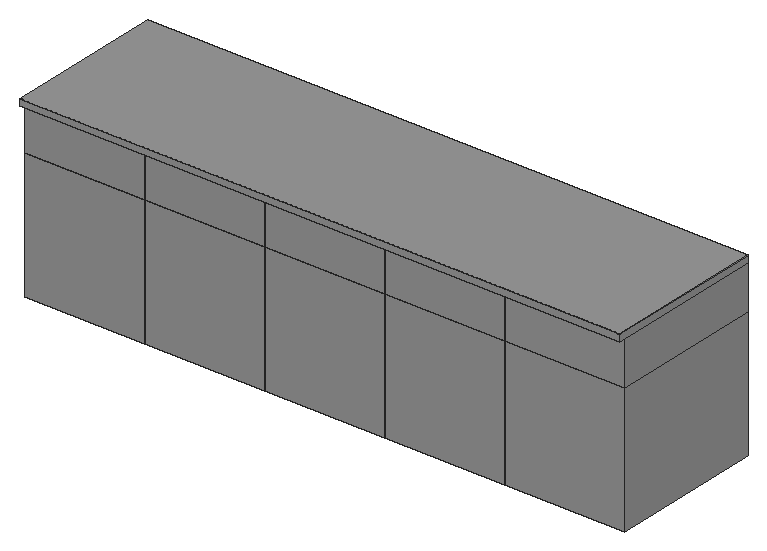
Revit family "DoorBench", category Furniture, Revit 2025
Family settings
  OmniClass Number = 23.40.20.00
  OmniClass Title = General Furniture and Specialties
  Work Plane-Based = No
  Enable Cutting in Views = No
  Always vertical = Yes
  Cut with Voids When Loaded = No
  Render Appearance Source = Family Geometry
  Shared = No
  Room Calculation Point = No
Parameters
  Default Elevation = 0 mm
Reference planes
  plane 1 "CentreLong": y = 0
  plane 2: z = 0
  plane 3 "LeftEdge": x = -1320
  plane 4 "FrontEdge": y = -800
  plane 5 "BenchTop": z = 900
  plane 6 "BenchBottom": z = 865
  plane 7 "DrawerInner": x = 180
  plane 8 "RightEdge": x = 1680
  plane 9 "CupboardFront": y = -770
  plane 10: x = 1080
  plane 11: x = 480
  plane 12: x = -120
  plane 13: x = -720
  plane 14 "DrawerBottom": z = 645
Forms (mm)
  Extrusion 1, solid, material "Birch - Glossy"
    sketch origin (0, 25, 0) x (1, 0, 0) y (0, 1, 0)
      loop
        line (-1320, -25) -> (-1320, -825) -> (1680, -825) -> (1680, -25) -> (-1320, -25)
    from 865 to 898
  Extrusion 2, solid, material "Steel, Paint Finish, Dark Gray, Matte"
    sketch origin (900, 1053.597, 2.43) x (1, 0, 0) y (0, 1, 0)
      loop
        line (180, -1053.597) -> (180, -1823.597) -> (780, -1823.597) -> (780, -1053.597) -> (180, -1053.597)
    from 642.57 to 862.57
  Extrusion 3, solid, not visible
    sketch origin (1780, -548.097, 0) x (1, 0, 0) y (0, 1, 0)
      loop
        line (-100, 518.097) -> (-100, 478.097) -> (-60, 478.097) -> (-60, 518.097) -> (-100, 518.097)
    from 0 to 825
  Extrusion 4, solid, not visible
    sketch origin (1780, -1115, 0) x (1, 0, 0) y (0, 1, 0)
      loop
        line (-100, 545) -> (-100, 505) -> (-60, 505) -> (-60, 545) -> (-100, 545)
    from 0 to 825
  Extrusion 5, solid, not visible
    sketch origin (-700, -140, 0) x (1, 0, 0) y (0, 1, 0)
      loop
        line (2380, 110) -> (2380, -470) -> (2420, -470) -> (2420, 110) -> (2400, 110) -> (2380, 110)
    from 825 to 865
  Extrusion 6, solid, not visible
    sketch origin (-700, -180, 0) x (1, 0, 0) y (0, 1, 0)
      loop
        line (2380, 150) -> (2380, -430) -> (2420, -430) -> (2420, 150) -> (2380, 150)
    from 280 to 320
  Extrusion 7, solid, material "Asphalt, Pavement"
    sketch origin (-80, 5, 0) x (1, 0, 0) y (0, 1, 0)
      loop
        line (-1240, -5) -> (-1240, -805) -> (1760, -805) -> (1760, -5) -> (-1240, -5)
    from 898 to 900
  Extrusion 8, solid, material "Steel, Paint Finish, Dark Gray, Matte"
    sketch origin (-780, 87.193, -346.517) x (1, 0, 0) y (0, 1, 0)
      loop
        line (1860, -87.193) -> (1860, -857.193) -> (2460, -857.193) -> (2460, -87.193) -> (1860, -87.193)
    from 346.517 to 991.517
  Extrusion 9, solid, material "Steel, Paint Finish, Dark Gray, Matte", not visible
    sketch origin (900, 1053.597, 2.43) x (1, 0, 0) y (0, 1, 0)
      loop
        line (180, -1053.597) -> (180, -1823.597) -> (780, -1823.597) -> (780, -1053.597) -> (180, -1053.597)
    from 642.57 to 862.57
  Extrusion 10, solid, material "Steel, Paint Finish, Dark Gray, Matte", not visible
    sketch origin (-780, 87.193, -346.517) x (1, 0, 0) y (0, 1, 0)
      loop
        line (1860, -87.193) -> (1860, -857.193) -> (2460, -857.193) -> (2460, -87.193) -> (1860, -87.193)
    from 346.517 to 991.517
  Extrusion 11, solid, material "Steel, Paint Finish, Dark Gray, Matte"
    sketch origin (300, 1053.597, 2.43) x (1, 0, 0) y (0, 1, 0)
      loop
        line (180, -1053.597) -> (180, -1823.597) -> (780, -1823.597) -> (780, -1053.597) -> (180, -1053.597)
    from 642.57 to 862.57
  Extrusion 12, solid, material "Steel, Paint Finish, Dark Gray, Matte"
    sketch origin (-1380, 87.193, -346.517) x (1, 0, 0) y (0, 1, 0)
      loop
        line (1860, -87.193) -> (1860, -857.193) -> (2460, -857.193) -> (2460, -87.193) -> (1860, -87.193)
    from 346.517 to 991.517
  Extrusion 13, solid, material "Steel, Paint Finish, Dark Gray, Matte"
    sketch origin (-300, 1053.597, 2.43) x (1, 0, 0) y (0, 1, 0)
      loop
        line (180, -1053.597) -> (180, -1823.597) -> (780, -1823.597) -> (780, -1053.597) -> (180, -1053.597)
    from 642.57 to 862.57
  Extrusion 14, solid, material "Steel, Paint Finish, Dark Gray, Matte"
    sketch origin (-1980, 87.193, -346.517) x (1, 0, 0) y (0, 1, 0)
      loop
        line (1860, -87.193) -> (1860, -857.193) -> (2460, -857.193) -> (2460, -87.193) -> (1860, -87.193)
    from 346.517 to 991.517
  Extrusion 15, solid, material "Steel, Paint Finish, Dark Gray, Matte"
    sketch origin (-900, 1053.597, 2.43) x (1, 0, 0) y (0, 1, 0)
      loop
        line (180, -1053.597) -> (180, -1823.597) -> (780, -1823.597) -> (780, -1053.597) -> (180, -1053.597)
    from 642.57 to 862.57
  Extrusion 16, solid, material "Steel, Paint Finish, Dark Gray, Matte"
    sketch origin (-2580, 87.193, -346.517) x (1, 0, 0) y (0, 1, 0)
      loop
        line (1860, -87.193) -> (1860, -857.193) -> (2460, -857.193) -> (2460, -87.193) -> (1860, -87.193)
    from 346.517 to 991.517
  Extrusion 17, solid, material "Steel, Paint Finish, Dark Gray, Matte"
    sketch origin (-1500, 1053.597, 2.43) x (1, 0, 0) y (0, 1, 0)
      loop
        line (180, -1053.597) -> (180, -1823.597) -> (780, -1823.597) -> (780, -1053.597) -> (180, -1053.597)
    from 642.57 to 862.57
  Extrusion 18, solid, material "Steel, Paint Finish, Dark Gray, Matte"
    sketch origin (-3180, 87.193, -346.517) x (1, 0, 0) y (0, 1, 0)
      loop
        line (1860, -87.193) -> (1860, -857.193) -> (2460, -857.193) -> (2460, -87.193) -> (1860, -87.193)
    from 346.517 to 991.517
Dimensions and locks
  plane 5 "BenchTop" to level = 900 mm
  plane 4 "FrontEdge" to plane 1 "CentreLong" = 800 mm
  plane 3 "LeftEdge" to plane 8 "RightEdge" = 3000 mm
  plane 7 "DrawerInner" to plane 8 "RightEdge" = 1500 mm
  plane 5 "BenchTop" to plane 6 "BenchBottom" = 35 mm
  aligned and locked: level to plane 2
